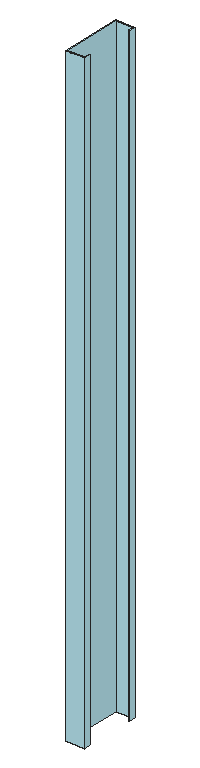
Revit family "100補強材×1.6", category 機械設備, Revit 2020
Family settings
  丸型コネクタ寸法 = 直径を使用
  種別 = なし
  パーツ タイプ = 標準
  作業面ベース = いいえ
  常に垂直 = はい
  ロード時にボイドで切り取り = いいえ
  共有 = いいえ
  部屋計算ポイント = いいえ
Parameters
  製造元 = "株式会社桐井製作所"
  既定の高さ = 0 mm
  URL = "https://www.kirii.co.jp/"
  K_長さ(mm) [instance] = 1000 mm
  K_材質 = "SGCC一般用・SGC340~570高強度一般用・SGH340~570高強度一般用"
  K_外形寸法(mm) = "100×30×10×1.6"
  K_品名 = "100補強材×1.6"
  K_名称 = "補強材"
  K_バージョン情報 = "20210524"
  K_めっき付着量 = "Z12"
  K_JIS規格 = "JIS G 3302"
Reference planes
  plane 1 "中心(正面/背面)": y = 0
  plane 2: z = 0
  plane 3 "中心(左/右)": x = 0
  plane 4: z = 1000
  plane 5: y = 100
Forms (mm)
  Extrusion 1, solid
    sketch origin (0, 0, 0) x (1, 0, 0) y (0, 1, 0)
      loop
        line (0, 0) -> (30, 0) -> (30, 10) -> (28.4, 10) -> (28.4, 1.6) -> (1.6, 1.6) -> (1.6, 98.4) -> (28.4, 98.4) -> (28.4, 90) -> (30, 90) -> (30, 100) -> (0, 100) -> (0, 0)
    from 0 to 1000
Dimensions and locks
  "K_長さ(mm)": plane 4 to plane 2
  aligned and locked: level to plane 2
  aligned and locked: plane 4 to Extrusion 1
  aligned and locked: plane 5 to Extrusion 1  (x2)
Automatic sketch dimensions
  Extrusion 1 sketch curve to plane 3 "中心(左/右)" = 0 mm
  plane 1 "中心(正面/背面)" to Extrusion 1 sketch curve = 0 mm
  plane 3 "中心(左/右)" to Extrusion 1 sketch curve = 1.6 mm
  Extrusion 1 sketch curve to plane 1 "中心(正面/背面)" = 10 mm
  Extrusion 1 sketch curve to Extrusion 1 sketch curve = 26.8 mm  (x2)
  Extrusion 1 sketch curve to Extrusion 1 sketch curve = 1.6 mm  (x3)
  Extrusion 1 sketch curve to plane 1 "中心(正面/背面)" = 1.6 mm
  Extrusion 1 sketch curve to Extrusion 1 sketch curve = 80 mm
  Extrusion 1 sketch curve to Extrusion 1 sketch curve = 8.4 mm
